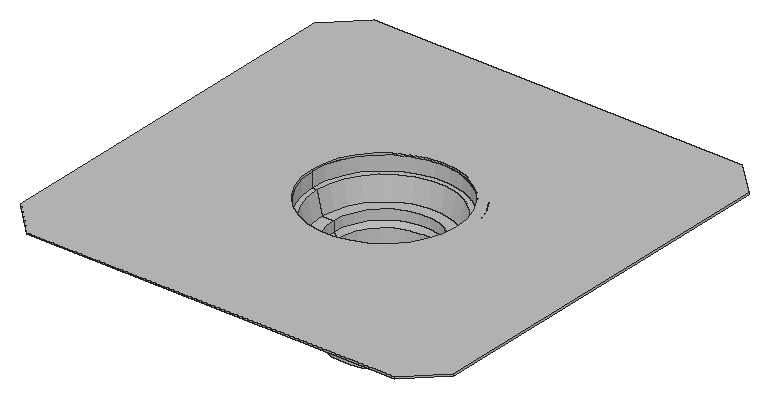
Revit family "482086001(1)", category Generic Models, host Floor, Revit 2019
Family settings
  Host = Floor
  Can host rebar = No
  Always vertical = Yes
  Cut with Voids When Loaded = No
  Shared = Yes
  Room Calculation Point = No
Parameters (values of type "482086001")
  SUPPLIER = "KOERO"
  NT = "Balcony transit and drain wastes"
  NN = "PLUVETTA®MET LODEN SLAB"
  NBSYN = "$CNSORDERNO.($LODLEVEL.)"
  NB = "482086001(1)"
  Model = "482086001"
  Manufacturer = "KOERO"
  MIdent = "{$CADENAS_DATA/23d-libs/koero/pluvetta/pluvetta_met_loden_slab.prj},194 {VTYP=3D},{NB=482086001(1)},{LINA=482086001},{NN=PLUVETTA®MET LODEN SLAB},{DATE=23.04.2020 08:29:08},{GEOMDATE=22.04.2020 12:13:00},{VERSION=},{LINEID=80},{WBVAR=LODLEVEL},{WBNUMERIC=LODLEVEL}  {NB=482086001(1)},{LINA=482086001},{KT=DUMMY},{CNSORDERNO=482086001},{LODLEVEL=1},{BEZ=Zonder rooster, met loodslap 33 x 33cm, 15 ponds (=ca. 1,3 mm dik), Stortkoker Ø 90 mm},{D=125},{D1=111},{D2=0},{H=0},{H1=95},{INFO=PDF Catalog},{HTML=Product page},{INFOPAGE=pluvetta_90},{INFOPATH=pluvetta_90_nl.pdf},{HTML1=https://debeer-sanitair.nl/maattekeningen/pluvetta/},{S=80.0},{VER=1},{X=2},{H2=11}"
  LODLEVEL = "300"
  LINA = "482086001"
  INFO = "PDF Catalog"
  HTML = "Product page"
  H1 = 95 mm
  H = 0 mm
  Description = "Balcony transit and drain wastes"
  D2 = 0 mm
  D1 = 111 mm
  D = 125 mm
  CREATOR = "CADENAS GmbH"
  CNSORDERNO = "482086001"
  CATALOG = "König & Ronneberger"
  BOMINFO = "LINA"
  BEZ = "Zonder rooster, met loodslap 33 x 33cm, 15 ponds (=ca. 1,3 mm dik), Stortkoker Ø 90 mm"
  ARTICLENO = "NB"
Reference planes
  plane 1 "Center (Front/Back)": y = 0
  plane 2: z = 0
  plane 3 "Center (Left/Right)": x = 0
Forms (mm)
  Extrusion 1, void
    sketch origin (0, 0, -95) x (-1, 0, 0) y (0, -1, 0)
      loop
        line (-0.5, -0.5) -> (0.5, -0.5) -> (0.5, 0.5) -> (-0.5, 0.5) -> (-0.5, -0.5)
    from 0 to 1
  Extrusion 2, void
    sketch origin (-81.489, 0, -85.924) x (0.017452, 0, -0.999848) y (0, 1, 0)
      loop
        line (-0.5, -0.5) -> (0.5, -0.5) -> (0.5, 0.5) -> (-0.5, 0.5) -> (-0.5, -0.5)
    from 0 to 1
Dimensions and locks
  locked: Extrusion 1 to plane 2 at 94
  locked: Extrusion 1 to plane 2 at 95
  aligned and locked: level to plane 2
Nested families
  nested 1: "482086001(1)_content" at (0, 0, 0), type "482086001(1)_Content"
Connectors
  hvac at (0, 0, 0)
    settings: on host floor, index 1, duct flow 0.0 L/s, flow factor 0, pres drop 0.0 Pa, loss coef 0, conn angle 0.00°, conn width 304.8 mm, conn height 304.8 mm, conn diameter 111 mm, duct sys type 29, conn prof type 0, flow config 0, flow direction 1, loss method 0, conn ref index -1, conn util no, is conn primary yes, conn desc ""
  hvac at (0, 0, -95)
    settings: on Extrusion 1, index 2, duct flow 0.0 L/s, flow factor 0, pres drop 0.0 Pa, loss coef 0, conn angle 0.00°, conn width 304.8 mm, conn height 304.8 mm, conn diameter 80 mm, duct sys type 29, conn prof type 0, flow config 0, flow direction 2, loss method 0, conn ref index -1, conn util no, is conn primary no, conn desc ""
  hvac at (-81.489, 0, -85.924)
    settings: on Extrusion 2, index 3, duct flow 0.0 L/s, flow factor 0, pres drop 0.0 Pa, loss coef 0, conn angle 0.00°, conn width 304.8 mm, conn height 304.8 mm, conn diameter 0 mm, duct sys type 29, conn prof type 0, flow config 0, flow direction 2, loss method 0, conn ref index -1, conn util no, is conn primary no, conn desc ""
Definition of nested family "482086001(1)_content"
  Parameters (values of type "482086001(1)_Content")
    SUPPLIER = "KOERO"
    NT = "Balcony transit and drain wastes"
    NN = "PLUVETTA®MET LODEN SLAB"
    NBSYN = "$CNSORDERNO.($LODLEVEL.)"
    NB = "482086001(1)"
    Model = "482086001"
    Manufacturer = "KOERO"
    LODLEVEL = "300"
    LINA = "482086001"
    INFO = "PDF Catalog"
    HTML = "Product page"
    H1 = 95 mm
    H = 0 mm
    Description = "Balcony transit and drain wastes"
    Default Elevation = 1219.2 mm
    D2 = 0 mm
    D1 = 111 mm
    D = 125 mm
    CREATOR = "CADENAS GmbH"
    CNSORDERNO = "482086001"
    CATALOG = "König & Ronneberger"
    BOMINFO = "LINA"
    BEZ = "Zonder rooster, met loodslap 33 x 33cm, 15 ponds (=ca. 1,3 mm dik), Stortkoker Ø 90 mm"
    ARTICLENO = "NB"
  Reference planes
    plane 1 "Center (Front/Back)": y = 0
    plane 2: z = 0
    plane 3 "Center (Left/Right)": x = 0
  Forms (mm)
    Revolve 1, solid, detail levels medium+fine
      sketch origin (0, 0, 0) x (-1, 0, 0) y (0, 0, -1)
        loop
          line (-62.5, 6) -> (-62.5, 0) -> (-55.5, 0) -> (-55.5, 11) -> (-51.5, 11) -> (-47.498, 27.523) -> (-38.498, 27.523) -> (-38.498, 35) -> (-36.141, 39) -> (-34.141, 95) -> (-37.143, 95) -> (-39.143, 39) -> (-43.143, 36) -> (-43.143, 30) -> (-52.998, 30) -> (-52.998, 28) -> (-51.065, 25.539) -> (-53.653, 14.848) -> (-62.498, 13.184) -> (-62.498, 11.184) -> (-58.25, 9) -> (-58.25, 6) -> (-62.5, 6)
        axis (0, 95) -> (0, 0)
      angle from -360 to 0
    Extrusion 2, solid, detail levels medium+fine
      sketch origin (0, 0, 0) x (-1, 0, 0) y (0, -1, 0)
        loop
          line (-165, -140.251) -> (-140.251, -165) -> (140.251, -165) -> (165, -140.251) -> (165, 140.251) -> (140.251, 165) -> (-140.251, 165) -> (-165, 140.251) -> (-165, -140.251)
        loop
          circle (0, 0) r 55.5
      from 0 to 5
    Extrusion 3, void, detail levels medium+fine
      sketch origin (0, 0, 0) x (-1, 0, 0) y (0, 0, -1)
        loop
          line (-170, -11.3) -> (170, -11.3) -> (170, -1.3) -> (-170, -1.3) -> (-170, -11.3)
      from -170 to 170
    Extrusion 4, solid, detail levels coarse
      sketch origin (0, 0, -95) x (1, 0, 0) y (0, 1, 0)
        loop
          line (-165, -165) -> (165, -165) -> (165, 165) -> (-165, 165) -> (-165, -165)
      from 0 to 96.3
  Cuts and joins
    Extrusion 3 cuts Revolve 1
    Extrusion 3 cuts Extrusion 2
  Dimensions and locks
    aligned and locked: level to plane 2
